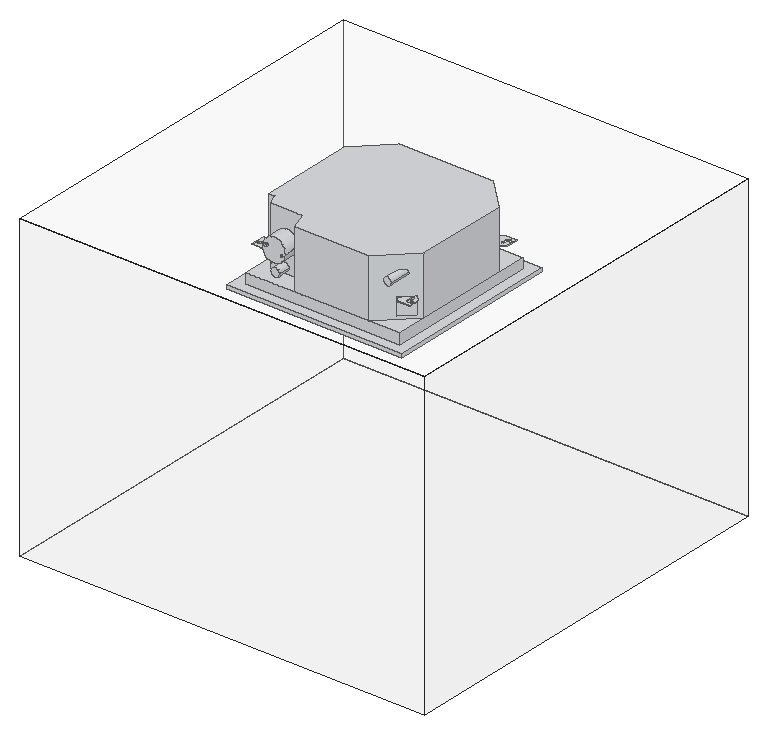
Revit family "pl-rp40_80ga3_60Hz", category 機械設備, Revit 2019
Family settings
  丸型コネクタ寸法 = 直径を使用
  パーツ タイプ = 標準
  OmniClass 番号 = 23.75.10.24.21.27.27
  OmniClass タイトル = Split System Air Conditioning Units
  作業面ベース = いいえ
  常に垂直 = はい
  ロード時にボイドで切り取り = いいえ
  共有 = いいえ
  部屋計算ポイント = はい
Parameters (values of type "天井4方向_PL-RP40GA3")
  風量（静）（m3／min） = 8.5
  風量（強）（m3／min） = 12
  風量（弱）（m3／min） = 9
  風量（中）（m3／min） = 9.5
  風量 = MAX風量  # 720.0 m³/h
  音響パワーレベル（弱）(dB) = 48
  音響パワーレベル（中2）(dB) = 49
  音響パワーレベル（中1）(dB) = 51
  音響パワーレベル(dB) = 53
  電源種別 = ""
  電源_H = 0 mm
  電圧_電気ヒーター = 0 V
  電圧 = 200 V
  電動機出力_送風機 = 0.05 kW
  運転質量 = 0.00 kg
  連動 = ""
  質量 = if(製品質量 > 運転質量, 製品質量, 運転質量) * 1.2  # 24.72 kg
  負荷分類 = 3_ファン類
  構成品番 = "PL-RP40GA"
  ドレン管径 (外径) = 32 mm
  ドレン管径 = 25 mm
  サービススペース = yes
  URL = "https://www.mitsubishielectric.co.jp/ldg/wink/ssl/displayProduct.do?pid=311447"
  説明 = "店舗・事務所用パッケージエアコン(Mr.SLIM) [本体]4方向天井カセット形<コンパクトタイプ>"
  設計暖房能力 = 0.00 kW
  設計冷房能力_顕熱 = 0 kW
  設計冷房能力 = 0 kW
  設置方法 = "カセット形"
  記号 = ""
  製造元 = "三菱電機株式会社"
  製品質量 = 20.60 kg
  製品出荷対象 = "国内"
  製品リリース年月 = "2021/5/10"
  製品グループ = ""
  系統 = ""
  符号 = "PAC-CK4"
  積算_科目 = "1 空気調和設備"
  積算_拾い区分 [instance] = ""
  相 = 1
  盤記号 = ""
  発停方法 = "付属スイッチ"
  特殊仕様 = ""
  火災停止 = ""
  消費電力_電気ヒーター = 0.00 kW
  消費電力_暖房 = 0.03 kW
  消費電力_加湿器 = 0.00 kW
  消費電力_冷房 = 0.03 kW
  消費電力 = if(消費電力_冷房 > 消費電力_暖房, 消費電力_冷房, 消費電力_暖房) + 消費電力_加湿器 + 消費電力_電気ヒーター  # 0.03 kW
  法定耐用年数 = "6"
  極数 = 1
  材質 = ""
  本体マテリアル = none
  有効加湿量 = 0
  暖房能力 = 4.00 kW
  推奨ブレーカー容量 = 0 A
  形式_加湿器 = ""
  形式 = "カセット形（4方向吹出形）"
  幹線記号 = ""
  始動方式 = "直入"
  呼称 = "パッケージ形空気調和機_室内機"
  周波数 = 60 Hz
  吊り位置Y = 507 mm
  吊り位置X = 640 mm
  吊りボルト_H = 134 mm
  台数_手元リモコン = ""
  台数_冷媒分岐ユニット = ""
  参照している仕様書等のバージョン = "公共建築工事標準仕様書（機械設備工事編）平成31年度版"
  加湿給水管径 = 0 mm
  分類コード = "50053003123030"
  分類グループ = ""
  冷房能力 = 3.6 kW
  冷媒高低圧ガス管径 = 0 mm
  冷媒管径符号 = "Ac"
  冷媒管径 = 100 mm
  冷媒液管高さ = 159 mm
  冷媒液管長さ = 71 mm
  冷媒液管径 = 6.4 mm
  冷媒ガス管高さ = 183 mm
  冷媒ガス管長さ = 76 mm
  冷媒ガス管径 = 12.7 mm
  企業コード = "108420"
  付属品_フィルター = ""
  付属品 = ""
  仕様書バージョン = "Version1.0"
  Model = ""
  パネルマテリアル = none
  ドレン管高さ = 227 mm
  コメント [instance] = ""
  ケーブル種類 = ""
  ケーブルサイズ = 0 mm
  Width = 670 mm
  Version = ""
  Uniclass2015Version = "Systems v1.9"
  Uniclass2015Title = "Split coil remote air cooled condensing units"
  Uniclass2015Code = "Pr_70_65_03_84"
  SpecificationReference = ""
  SpecificationDescription = ""
  Revision = ""
  ProductInformation = ""
  Panel Width = 760 mm
  Panel Height = 15 mm
  Panel Depth = 760 mm
  OmniClassCode = "23-33 17 13 11"
  MIN風量 = 風量（静）（m3／min） * 60.0 m³/h  # 510.0 m³/h
  MID風量2 = 風量（弱）（m3／min） * 60.0 m³/h  # 540.0 m³/h
  MID風量 = 風量（中）（m3／min） * 60.0 m³/h  # 570.0 m³/h
  MAX風量 = 風量（強）（m3／min） * 60.0 m³/h  # 720.0 m³/h
  IfcTypeProduct = ""
  IfcProduct = ""
  IfcExportType = "AIRCONDITIONINGUNIT"
  IfcExportAs = "IfcUnitaryEquipmentType"
  Height = 298 mm
  Depth = 670 mm
  価格 = 253000
  Clearance Top = 305 mm
  Clearance Right = 500 mm
  Clearance Left = 500 mm
  Clearance Front = 500 mm
  Clearance Bottom = 1000 mm
  Clearance Back = 500 mm
  Author = "三菱電機株式会社"
Types (7, lengths in mm): name | 風量（静）（m3／min） | 風量（強）（m3／min） | 風量（弱）（m3／min） | 風量（中）（m3／min） | 風量 | 音響パワーレベル（弱）(dB) | 音響パワーレベル（中2）(dB) | 音響パワーレベル（中1）(dB) | 音響パワーレベル(dB) | 構成品番 | URL | 消費電力_暖房 | 消費電力_冷房 | 消費電力 | 暖房能力 | 冷房能力 | 冷媒管径符号 | 冷媒液管長さ | 冷媒液管径 | 冷媒ガス管長さ | 冷媒ガス管径 | MIN風量 | MID風量2 | MID風量 | MAX風量 | 価格
  天井4方向_PL-RP40GA3 | 8.5 | 12 | 9 | 9.5 | 720.0 m³/h | 48 | 49 | 51 | 53 | "PL-RP40GA" | "https://www.mitsubishielectric.co.jp/ldg/wink/ssl/displayProduct.do?pid=311447" | 0.03 kW | 0.03 kW | 0.03 kW | 4.00 kW | 3.6 kW | "Ac" | 71 | 6.4 | 76 | 12.7 | 510.0 m³/h | 540.0 m³/h | 570.0 m³/h | 720.0 m³/h | 253000
  天井4方向_PL-RP50GA3 | 9.5 | 12.5 | 10 | 12 | 750.0 m³/h | 49 | 50 | 53 | 54 | "PL-RP50GA" | "https://www.mitsubishielectric.co.jp/ldg/wink/ssl/displayProduct.do?pid=311449" | 0.03 kW | 0.03 kW | 0.03 kW | 5.00 kW | 4.5 kW | "Ac" | 71 | 6.4 | 76 | 12.7 | 570.0 m³/h | 600.0 m³/h | 720.0 m³/h | 750.0 m³/h | 265000
  天井4方向_PL-RP45GA3 | 8.5 | 12 | 9 | 9.5 | 720.0 m³/h | 48 | 49 | 51 | 53 | "PL-RP45GA" | "https://www.mitsubishielectric.co.jp/ldg/wink/ssl/displayProduct.do?pid=311448" | 0.03 kW | 0.03 kW | 0.03 kW | 4.50 kW | 4 kW | "Ac" | 71 | 6.4 | 76 | 12.7 | 510.0 m³/h | 540.0 m³/h | 570.0 m³/h | 720.0 m³/h | 256000
  天井4方向_PL-RP56GA3 | 9.5 | 14 | 10 | 12.5 | 840.0 m³/h | 49 | 50 | 54 | 56 | "PL-RP56GA" | "https://www.mitsubishielectric.co.jp/ldg/wink/ssl/displayProduct.do?pid=311450" | 0.03 kW | 0.03 kW | 0.03 kW | 5.60 kW | 5 kW | "Ac" | 71 | 6.4 | 76 | 12.7 | 570.0 m³/h | 600.0 m³/h | 750.0 m³/h | 840.0 m³/h | 285000
  天井4方向_PL-RP63GA3 | 10 | 14.5 | 11.5 | 13 | 870.0 m³/h | 50 | 53 | 55 | 57 | "PL-RP63GA" | "https://www.mitsubishielectric.co.jp/ldg/wink/ssl/displayProduct.do?pid=311451" | 0.04 kW | 0.04 kW | 0.04 kW | 6.30 kW | 5.6 kW | "Ac" | 71 | 6.4 | 76 | 12.7 | 600.0 m³/h | 690.0 m³/h | 780.0 m³/h | 870.0 m³/h | 287000
  天井4方向_PL-RP71GA3 | 11 | 15 | 12 | 13.5 | 900.0 m³/h | 53 | 54 | 56 | 58 | "PL-RP71GA" | "https://www.mitsubishielectric.co.jp/ldg/wink/ssl/displayProduct.do?pid=311452" | 0.04 kW | 0.04 kW | 0.04 kW | 7.00 kW | 6.3 kW | "Bd" | 75 | 9.5 | 80 | 15.9 | 660.0 m³/h | 720.0 m³/h | 810.0 m³/h | 900.0 m³/h | 292000
  天井4方向_PL-RP80GA3 | 11 | 15 | 12 | 13.5 | 900.0 m³/h | 53 | 54 | 56 | 58 | "PL-RP80GA" | "https://www.mitsubishielectric.co.jp/ldg/wink/ssl/displayProduct.do?pid=311453" | 0.04 kW | 0.04 kW | 0.04 kW | 8.00 kW | 7.1 kW | "Bd" | 75 | 9.5 | 80 | 15.9 | 660.0 m³/h | 720.0 m³/h | 810.0 m³/h | 900.0 m³/h | 316000
Reference planes
  plane 1 "中心(正面/背面)": y = 0
  plane 2: z = 0
  plane 3 "中心(左/右)": x = 0
  plane 4: x = -380
  plane 5: x = 380
  plane 6: y = 380
  plane 7: y = -380
  plane 8: z = 298
  plane 9: z = 305
  plane 10: x = -320
  plane 11: x = 320
  plane 12: y = 253.5
  plane 13: y = -253.5
  plane 14: z = 46
  plane 15: y = 335
  plane 16: y = -335
  plane 17: x = -335
  plane 18: x = 335
  plane 19: x = -880
  plane 20: x = 880
  plane 21: y = 880
  plane 22: y = -880
  plane 23: z = 298
  plane 24: z = -15
  plane 25: z = -1015
  plane 26: z = 305
  plane 27 "冷媒管基準面": y = -255
  plane 28: x = -186
  plane 29: z = 159
  plane 30: y = -331
  plane 31: y = -326
Forms (mm)
  Extrusion 1, solid, detail levels fine
    sketch origin (0, -255, 15) x (1, 0, 0) y (0, 0, 1)
      loop
        circle (-186, 144) r 3.175
    from 0 to 71
  Extrusion 2, solid, detail levels fine
    sketch origin (-67, -255, 39) x (1, 0, 0) y (0, 0, 1)
      loop
        circle (-186, 144) r 6.35
    from 0 to 76
Dimensions and locks
  equal spacing: plane 4, plane 3 "中心(左/右)", plane 5
  plane 4 to plane 5 = 760 mm
  equal spacing: plane 7, plane 1 "中心(正面/背面)", plane 6
  plane 7 to plane 6 = 760 mm
  locked: plane 12 to plane 6 at 126.5
  plane 7 to plane 13 = 126.5 mm
  plane 4 to plane 10 = 60 mm
  locked: plane 11 to plane 5 at 60
  "吊り位置X": plane 10 to plane 11
  equal spacing: plane 10, plane 3 "中心(左/右)", plane 11
  equal spacing: plane 13, plane 1 "中心(正面/背面)", plane 12
  "吊り位置Y": plane 13 to plane 12
  equal spacing: plane 16, plane 1 "中心(正面/背面)", plane 15
  "Depth": plane 16 to plane 15
  equal spacing: plane 17, plane 3 "中心(左/右)", plane 18
  "Width": plane 17 to plane 18
  locked: plane 14 to level at 46
  "Clearance Left": plane 19 to plane 4
  "Clearance Right": plane 5 to plane 20
  "Clearance Back": plane 6 to plane 21
  locked: level to plane 24 at 15
  "Clearance Bottom": plane 24 to plane 25
  "Clearance Front": plane 22 to plane 7
  "Clearance Top": plane 26 to plane 2
  "Height": level to nested 3
  plane 29 to plane 2 = 159 mm
  nested 3 to level = 134 mm
  "冷媒液管長さ": plane 31 to plane 27 "冷媒管基準面"
  "冷媒ガス管長さ": plane 30 to plane 27 "冷媒管基準面"
  aligned and locked: level to plane 2
  aligned and locked: plane 10 to nested 2
  aligned and locked: plane 11 to nested 2
  aligned and locked: nested 2 to plane 12
  aligned and locked: plane 13 to nested 2
  aligned and locked: plane 19 to nested 1
  aligned and locked: plane 20 to nested 1
  aligned and locked: plane 22 to nested 1
  aligned and locked: plane 21 to nested 1
  aligned and locked: plane 25 to nested 1
  aligned and locked: plane 5 to nested 3
  aligned and locked: plane 15 to nested 3
  aligned and locked: plane 6 to nested 3
  aligned and locked: plane 7 to nested 3
  aligned and locked: plane 26 to nested 1
  aligned and locked: plane 31 to Extrusion 1
  aligned and locked: plane 30 to Extrusion 2
Automatic sketch dimensions
  Extrusion 1 sketch curve to plane 28 = 0 mm
  Extrusion 1 sketch curve to plane 29 = 0 mm
  plane 29 to Extrusion 2 sketch curve = 24 mm
  plane 10 to Extrusion 2 sketch curve = 67 mm
  radius of Extrusion 1 sketch curve = 3.175 mm
  radius of Extrusion 2 sketch curve = 6.35 mm
Nested families
  nested 1: "サービススペース" at (0, 0, -355), visible <- "サービススペース", type "サービススペース"
    with Width 1760 mm, Height 1320 mm, Depth 1760 mm
  nested 2: "固定点" at (-320, -253.5, 0), type "固定点"
    with W 640 mm, D 507 mm
  nested 3: "PL-RP○○GA3" at (0, 0, 0), type "PL-RP○○GA3"
    with ユニット表示 yes
Connectors
  piping at (-219.5, -326, 171), diameter 100, driven by "冷媒管径", driven by "冷媒管径符号"
    settings: on nested 3, index 1, connector inside diameter 609.6 mm, connector length 0 mm, flow factor 0, pipe flow 0.0 L/s, pressure drop 0.0 Pa, fitting loss kfactor 0, connector angle 0.00°, fixture units 0, engagement length 0 mm, angle of deflection 0.00°, flow configuration 1, flow direction 1, fitting loss method 4, system type 7, joint type 0, gender type 0, connector reference index -1, connector utility 0, adjustable connector no, is connector primary yes, connector description "Ac"
  piping at (281, -332, 227), diameter 25, driven by "ドレン管径"
    settings: on nested 3, index 2, connector inside diameter 609.6 mm, connector length 0 mm, flow factor 0, pipe flow 0.0 L/s, pressure drop 0.0 Pa, fitting loss kfactor 0, connector angle 0.00°, fixture units 0, engagement length 0 mm, angle of deflection 0.00°, flow configuration 1, flow direction 2, fitting loss method 4, system type 16, joint type 0, gender type 0, connector reference index -1, connector utility 0, adjustable connector no, is connector primary no, connector description ""
  electrical at (-230, -305, 70), driven by "極数", driven by "負荷分類", driven by "電圧", driven by "消費電力"
    settings: on nested 3, index 3, voltage 200 V, apparent load 30 VA, apparent load phase1 0 VA, apparent load phase2 0 VA, apparent load phase3 0 VA, power factor 1, load classification "3_ファン類", number of poles 1, system type 30, power factor state 1, is connector primary yes, connector utility no, sub classification motor no, connector description ""
Definition of nested family "サービススペース"
  Parameters (values of type "サービススペース")
    Width [instance] = 500 mm
    Height [instance] = 500 mm
    Depth [instance] = 500 mm
  Reference planes
    plane 1 "中心(正面/背面)": y = 0
    plane 2: z = 0
    plane 3 "中心(左/右)": x = 0
    plane 4: y = -250
    plane 5: x = 250
    plane 6: y = 250
    plane 7: x = -250
    plane 8: z = 250
    plane 9: z = -250
  Forms (mm)
    Extrusion 1, solid
      sketch origin (-638.939, 0, 72.39) x (1, 0, 0) y (0, 1, 0)
        loop
          line (388.939, 250) -> (388.939, -250) -> (888.939, -250) -> (888.939, 250) -> (388.939, 250)
      from -322.39 to 177.61
  Lines and regions (mm)
    symbolic lines
      curve 1: line (-250, 0, 250) -> (250, 0, 250)
      curve 2: line (-250, 0, -250) -> (-250, 0, 250)
      curve 3: line (250, 0, -250) -> (-250, 0, -250)
      curve 4: line (250, 0, 250) -> (250, 0, -250)
      curve 5: line (0, -250, 250) -> (0, 250, 250)
      curve 6: line (0, -250, -250) -> (0, -250, 250)
      curve 7: line (0, 250, -250) -> (0, -250, -250)
      curve 8: line (0, 250, 250) -> (0, 250, -250)
      curve 9: line (-250, 250, 0) -> (250, 250, 0)
      curve 10: line (-250, -250, 0) -> (-250, 250, 0)
      curve 11: line (250, -250, 0) -> (-250, -250, 0)
      curve 12: line (250, 250, 0) -> (250, -250, 0)
  Dimensions and locks
    equal spacing: plane 7, plane 3 "中心(左/右)", plane 5
    equal spacing: plane 4, plane 1 "中心(正面/背面)", plane 6
    "Depth": plane 4 to plane 6
    "Width": plane 7 to plane 5
    equal spacing: plane 8, plane 2, plane 9
    "Height": plane 8 to plane 9
    aligned and locked: plane 9 to curve 3
    aligned and locked: plane 7 to curve 2
    aligned and locked: curve 4 to plane 5
    aligned and locked: plane 5 to Extrusion 1
    aligned and locked: Extrusion 1 to plane 7
    aligned and locked: Extrusion 1 to plane 9
    aligned and locked: plane 8 to Extrusion 1
    aligned and locked: plane 9 to curve 7
  Automatic sketch dimensions
    plane 4 to Extrusion 1 sketch curve = 0 mm
    Extrusion 1 sketch curve to plane 7 = 0 mm
    Extrusion 1 sketch curve to plane 5 = 0 mm
    plane 6 to Extrusion 1 sketch curve = 0 mm
    curve 2 to plane 8 = 0 mm
    plane 4 to curve 11 = 0 mm
    curve 11 to plane 7 = 0 mm
    curve 11 to plane 5 = 0 mm
    plane 6 to curve 10 = 0 mm
    curve 7 to plane 4 = 0 mm
    curve 7 to plane 6 = 0 mm
    curve 6 to plane 8 = 0 mm
Definition of nested family "PL-RP○○GA3"
  Parameters (values of type "PL-RP○○GA3")
    配線取出口サイズ = 36 mm
    配線取出口-Z = 70 mm
    配線取出口-Y = 50 mm
    配線取出口-X = 230 mm
    液配管サイズ = 6.4 mm
    A = 幅さ + 90 mm  # 760 mm
    高さ = 298 mm
    奥行き = 670 mm
    吊りボルト_H = 134 mm
    冷媒配管 = 100 mm
    冷媒液管径-Z = 159 mm
    冷媒液管径-Y = 71 mm
    冷媒液管径-X = 186 mm
    冷媒ガス管径-Z = 183 mm
    冷媒ガス管径-Y = 76 mm
    冷媒ガス管径-X = 253 mm
    ユニット表示 [instance] = yes
    ボルトピッチ = 507 mm
    ドレン配管サイズ = 32 mm
    ドレン管径-Z = 227 mm
    ドレン管径-Y = 77 mm
    ドレン管径-X = 281 mm
    ガス配管サイズ = 12.7 mm
    D = 幅さ - 30 mm  # 640 mm
    幅さ = 670 mm
    B = 幅さ + 40 mm  # 710 mm
  Reference planes
    plane 1 "中心(正面/背面)": y = 0
    plane 2: z = 0
    plane 3 "中心(左/右)": x = 0
    plane 4: x = -355
    plane 5: x = 355
    plane 6: x = -335
    plane 7: x = 335
    plane 8: x = -320
    plane 9: x = 320
    plane 10: y = 253.5
    plane 11: y = -253.5
    plane 12: y = 335
    plane 13: y = -335
    plane 14: x = -380
    plane 15: x = 380
    plane 16: z = -15
    plane 17: z = 46
    plane 18: z = 298
    plane 19: z = 134
    plane 20: z = 136
    plane 21: z = 227
    plane 22: z = 159
    plane 23: z = 183
    plane 24: z = 60
    plane 25: y = 380
    plane 26: y = -380
    plane 27: x = -253
    plane 28: x = -150
    plane 29: x = -123
    plane 30: x = -186
    plane 31: x = 281
    plane 32: x = 202
    plane 33: y = -255
    plane 34: y = -207
    plane 35: y = -331
    plane 36: y = -326
    plane 37 "ドレン管接続口": y = -332
    plane 38: y = -202
    plane 39: y = 291.5
    plane 40: y = 275.5
    plane 41: y = 263.5
    plane 42: x = -326
    plane 43: x = -314
    plane 44: x = -343
    plane 45: x = 314
    plane 46: x = 326
    plane 47: x = 343
    plane 48: y = -291.5
    plane 49: y = -275.5
    plane 50: y = -263.5
    plane 51: x = -230
    plane 52: y = 202
    plane 53: x = -202
    plane 54: z = 70
    plane 55: y = -305
  Forms (mm)
    Extrusion 1, solid, visible <- "ユニット表示"
      sketch origin (0, 0, 0) x (1, 0, 0) y (0, 1, 0)
        loop
          line (-380, 380) -> (-380, -380) -> (380, -380) -> (380, 380) -> (-380, 380)
      from -15 to 0
    Extrusion 2, solid, visible <- "ユニット表示", detail levels fine
      sketch origin (0, 0, 0) x (1, 0, 0) y (0, 1, 0)
        loop
          line (-203.39, 335) -> (-335, 203.39) -> (-335, -207) -> (-309.258, -207) -> (-288.883, -255) -> (-150, -255) -> (-123.033, -335) -> (202, -335) -> (335, -202) -> (335, 203.39) -> (203.39, 335) -> (-203.39, 335)
      from 46 to 298
    Extrusion 3, solid, visible <- "ユニット表示", detail levels fine
      sketch origin (0, 0, 0) x (1, 0, 0) y (0, 1, 0)
        loop
          line (335, 335) -> (-335, 335) -> (-335, -335) -> (335, -335) -> (335, 335)
      from 0 to 46
    Extrusion 4, solid, visible <- "ユニット表示", detail levels fine
      sketch origin (0, 0, 0) x (1, 0, 0) y (0, 0, 1)
        loop
          circle (-219.5, 171) r 50
      from 255 to 326
    Extrusion 5, solid, visible <- "ユニット表示", detail levels fine
      sketch origin (0, 0, 0) x (1, 0, 0) y (0, 1, 0)
        loop
          line (-343, -291.5) -> (-300.314, -291.5) -> (-290.686, -250.751) -> (-306.998, -212.324) -> (-343, -227.606) -> (-343, -263.5) -> (-329, -263.5)
          arc (-329, -263.5) -> (-326.879, -262.621) -> (-326, -260.5) r 3
          line (-326, -260.5) -> (-326, -249.5)
          arc (-326, -249.5) -> (-320, -243.5) -> (-314, -249.5) r 6
          line (-314, -249.5) -> (-314, -269.478)
          arc (-314, -269.478) -> (-315.757, -273.721) -> (-320, -275.5) r 6
          line (-320, -275.5) -> (-343, -275.5) -> (-343, -291.5)
        loop
          line (-343, 275.5) -> (-320, 275.5)
          arc (-320, 275.5) -> (-315.757, 273.743) -> (-314, 269.5) r 6
          line (-314, 269.5) -> (-314, 249.5)
          arc (-314, 249.5) -> (-320, 243.5) -> (-326, 249.5) r 6
          line (-326, 249.5) -> (-326, 260.5)
          arc (-326, 260.5) -> (-326.879, 262.621) -> (-329, 263.5) r 3
          line (-329, 263.5) -> (-343, 263.5) -> (-343, 244.959) -> (-318.215, 220.175) -> (-270.214, 268.176) -> (-293.539, 291.5) -> (-343, 291.5) -> (-343, 275.5)
        loop
          line (343, 291.5) -> (293.539, 291.5) -> (270.214, 268.176) -> (318.215, 220.175) -> (343, 244.959) -> (343, 263.5) -> (329, 263.5)
          arc (329, 263.5) -> (326.879, 262.621) -> (326, 260.5) r 3
          line (326, 260.5) -> (326, 249.5)
          arc (326, 249.5) -> (320, 243.5) -> (314, 249.5) r 6
          line (314, 249.5) -> (314, 269.5)
          arc (314, 269.5) -> (315.757, 273.743) -> (320, 275.5) r 6
          line (320, 275.5) -> (343, 275.5) -> (343, 291.5)
        loop
          line (293.539, -291.5) -> (343, -291.5) -> (343, -275.5) -> (320, -275.5)
          arc (320, -275.5) -> (315.757, -273.743) -> (314, -269.5) r 6
          line (314, -269.5) -> (314, -249.5)
          arc (314, -249.5) -> (320, -243.5) -> (326, -249.5) r 6
          line (326, -249.5) -> (326, -260.5)
          arc (326, -260.5) -> (326.879, -262.621) -> (329, -263.5) r 3
          line (329, -263.5) -> (343, -263.5) -> (343, -244.959) -> (317.52, -219.48) -> (269.519, -267.481) -> (293.539, -291.5)
      from 134 to 136
    Extrusion 6, solid, visible <- "ユニット表示", detail levels fine
      sketch origin (0, 0, 0) x (1, 0, 0) y (0, 1, 0)
        loop
          line (-306.998, -212.324) -> (-308.839, -213.105) -> (-291.463, -254.04) -> (-289.622, -253.258) -> (-306.998, -212.324)
        loop
          line (-271.629, 269.59) -> (-319.63, 221.589) -> (-318.245, 220.204) -> (-270.244, 268.205) -> (-271.629, 269.59)
        loop
          line (271.629, 269.59) -> (270.244, 268.205) -> (318.245, 220.204) -> (319.63, 221.589) -> (271.629, 269.59)
        loop
          line (270.934, -268.895) -> (318.935, -220.894) -> (317.52, -219.48) -> (269.519, -267.481) -> (270.934, -268.895)
      from 60 to 136
    Extrusion 7, solid, visible <- "ユニット表示", detail levels fine
      sketch origin (0, 0, 0) x (1, 0, 0) y (0, 0, 1)
        loop
          circle (-230, 70) r 18
      from 255 to 305
    Extrusion 8, solid, detail levels fine
      sketch origin (0, -332, 0) x (-1, 0, 0) y (0, 0, 1)
        loop
          circle (-281, 227) r 16
      from 0 to 100
  Cuts and joins
    joined: Extrusion 5, Extrusion 6
  Dimensions and locks
    equal spacing: plane 4, plane 3 "中心(左/右)", plane 5
    "B": plane 4 to plane 5
    equal spacing: plane 6, plane 3 "中心(左/右)", plane 7
    "幅さ": plane 6 to plane 7
    equal spacing: plane 8, plane 3 "中心(左/右)", plane 9
    "D": plane 8 to plane 9
    equal spacing: plane 11, plane 1 "中心(正面/背面)", plane 10
    "ボルトピッチ": plane 10 to plane 11
    equal spacing: plane 12, plane 1 "中心(正面/背面)", plane 13
    "奥行き": plane 12 to plane 13
    "A": plane 14 to plane 15
    equal spacing: plane 14, plane 3 "中心(左/右)", plane 15
    locked: plane 2 to plane 16 at 15
    locked: plane 17 to plane 2 at 46
    "吊りボルト_H": plane 19 to level
    locked: plane 20 to plane 19 at 2
    "ドレン管径-Z": plane 21 to level
    "冷媒液管径-Z": plane 22 to level
    "冷媒ガス管径-Z": plane 23 to level
    plane 24 to level = 60 mm
    equal spacing: plane 25, plane 1 "中心(正面/背面)", plane 26
    "A": plane 25 to plane 26
    locked: plane 6 to plane 28 at 185
    locked: plane 6 to plane 29 at 212
    locked: plane 32 to plane 7 at 133
    "冷媒ガス管径-X": plane 27 to plane 3 "中心(左/右)"
    "冷媒液管径-X": plane 30 to plane 3 "中心(左/右)"
    "ドレン管径-X": plane 3 "中心(左/右)" to plane 31
    locked: plane 33 to plane 13 at 80
    locked: plane 34 to plane 13 at 128
    "冷媒ガス管径-Y": plane 33 to plane 35
    "冷媒液管径-Y": plane 33 to plane 36
    "ドレン管径-Y": plane 33 to plane 37 "ドレン管接続口"
    locked: plane 38 to plane 13 at 133
    equal spacing: plane 30, Extrusion 4 sketch curve, plane 27
    equal spacing: plane 23, Extrusion 4 sketch curve, plane 22
    locked: plane 44 to plane 8 at 23
    plane 42 to plane 8 to plane 43 = 6 mm locked, 6 mm locked
    locked: plane 9 to plane 47 at 23
    plane 45 to plane 9 to plane 46 = 6 mm locked, 6 mm locked
    plane 11 to plane 50 to plane 49 to plane 48 = 10 mm locked, 12 mm locked, 16 mm locked
    plane 39 to plane 40 to plane 41 to plane 10 = 16 mm locked, 12 mm locked, 10 mm locked
    locked: Extrusion 5 sketch curve to plane 11 at 4  (x2)
    locked: plane 10 to Extrusion 5 sketch curve at 4  (x2)
    "配線取出口-X": plane 51 to plane 3 "中心(左/右)"
    "配線取出口-Z": plane 54 to level
    "配線取出口-Y": plane 33 to plane 55
    locked: cut or joined group of Extrusion 5, Extrusion 6 to Extrusion 6 sketch curve at 2
    locked: Extrusion 6 sketch curve to Extrusion 2 at 2  (x3)
    "高さ": plane 18 to level
    "冷媒配管": diameter of Extrusion 4 sketch curve
    radius of Extrusion 5 sketch curve = 6 mm  (x8)
    radius of Extrusion 5 sketch curve = 3 mm  (x4)
    "配線取出口サイズ": diameter of Extrusion 7 sketch curve
    aligned and locked: level to plane 2
    aligned and locked: Extrusion 1 sketch curve to plane 25
    aligned and locked: plane 14 to Extrusion 1 sketch curve
    aligned and locked: plane 26 to Extrusion 1 sketch curve
    aligned and locked: Extrusion 1 sketch curve to plane 15
    aligned and locked: level to Extrusion 1
    aligned and locked: Extrusion 1 to plane 16
    aligned and locked: plane 18 to Extrusion 2
    aligned and locked: Extrusion 2 to plane 17
    aligned and locked: Extrusion 3 sketch curve to plane 7
    aligned and locked: Extrusion 3 sketch curve to plane 13
    aligned and locked: Extrusion 3 sketch curve to plane 6
    aligned and locked: Extrusion 3 sketch curve to plane 12
    aligned and locked: Extrusion 3 to level
    aligned and locked: plane 17 to Extrusion 3
    aligned and locked: plane 28 to Extrusion 2 sketch curve
    aligned and locked: plane 34 to Extrusion 2 sketch curve
    aligned and locked: Extrusion 2 sketch curve to plane 13
    aligned and locked: Extrusion 2 sketch curve to plane 7
    aligned and locked: Extrusion 2 sketch curve to plane 12
    aligned and locked: Extrusion 2 sketch curve to plane 6
    aligned and locked: plane 7 to Extrusion 2 sketch curve
    aligned and locked: plane 38 to Extrusion 2 sketch curve
    aligned and locked: plane 32 to Extrusion 2 sketch curve
    aligned and locked: plane 13 to Extrusion 2 sketch curve
    aligned and locked: plane 44 to Extrusion 5 sketch curve  (x2)
    aligned and locked: Extrusion 5 sketch curve to plane 50
    aligned and locked: plane 49 to Extrusion 5 sketch curve
    aligned and locked: Extrusion 5 sketch curve to plane 48
    aligned and locked: plane 43 to Extrusion 5 sketch curve
    aligned and locked: plane 42 to Extrusion 5 sketch curve  (x2)
    aligned and locked: Extrusion 6 to plane 24
    aligned and locked: plane 20 to Extrusion 6
    aligned and locked: plane 39 to Extrusion 5 sketch curve  (x2)
    aligned and locked: Extrusion 5 sketch curve to plane 44  (x2)
    aligned and locked: plane 41 to Extrusion 5 sketch curve  (x2)
    aligned and locked: Extrusion 5 sketch curve to plane 40  (x2)
    aligned and locked: Extrusion 5 sketch curve to plane 43
    aligned and locked: Extrusion 5 sketch curve to Extrusion 2  (x3)
    aligned and locked: plane 47 to Extrusion 5 sketch curve  (x4)
    aligned and locked: plane 45 to Extrusion 5 sketch curve  (x2)
    aligned and locked: Extrusion 5 sketch curve to plane 46  (x2)
    aligned and locked: plane 50 to Extrusion 5 sketch curve
    aligned and locked: plane 48 to Extrusion 5 sketch curve
    aligned and locked: Extrusion 5 sketch curve to plane 49
    aligned and locked: plane 51 to Extrusion 7 sketch curve
    aligned and locked: plane 54 to Extrusion 7 sketch curve
    aligned and locked: Extrusion 7 to Extrusion 2
    aligned and locked: plane 55 to Extrusion 7
    aligned and locked: cut or joined group of Extrusion 5, Extrusion 6 to cut or joined group of Extrusion 5, Extrusion 6  (x2)
    aligned and locked: Extrusion 6 sketch curve to cut or joined group of Extrusion 5, Extrusion 6  (x3)
    aligned and locked: cut or joined group of Extrusion 5, Extrusion 6 to Extrusion 6 sketch curve  (x2)
    aligned and locked: Extrusion 2 to Extrusion 6 sketch curve
    aligned and locked: cut or joined group of Extrusion 5, Extrusion 6 to plane 19
    aligned and locked: plane 20 to cut or joined group of Extrusion 5, Extrusion 6
    aligned and locked: Extrusion 4 to plane 36
  Automatic sketch dimensions
    Extrusion 2 sketch curve to plane 33 = 0 mm
    plane 43 to Extrusion 2 sketch curve = 4.742 mm
    plane 43 to Extrusion 2 sketch curve = 25.117 mm
    Extrusion 2 sketch curve to plane 30 = 17.39 mm
    Extrusion 2 sketch curve to plane 29 = 0.033 mm
    plane 32 to Extrusion 2 sketch curve = 1.39 mm
    Extrusion 2 sketch curve to plane 10 = 50.11 mm  (x2)
    Extrusion 5 sketch curve to plane 8 = 0 mm
    Extrusion 5 sketch curve to plane 8 = 13.002 mm
    Extrusion 5 sketch curve to plane 43 = 13.686 mm
    plane 50 to Extrusion 5 sketch curve = 12.749 mm
    Extrusion 5 sketch curve to Extrusion 5 sketch curve = 9.627 mm
    Extrusion 5 sketch curve to plane 50 = 5.978 mm
    plane 34 to Extrusion 5 sketch curve = 20.606 mm
    plane 8 to Extrusion 6 sketch curve = 1.755 mm
    Extrusion 6 sketch curve to plane 11 = 0.54 mm
    Extrusion 6 sketch curve to Extrusion 6 sketch curve = 1.385 mm
    Extrusion 6 sketch curve to plane 49 = 6.605 mm
    Extrusion 6 sketch curve to plane 9 = 2.48 mm
    Extrusion 6 sketch curve to Extrusion 6 sketch curve = 1.414 mm
    Extrusion 5 sketch curve to plane 8 = 1.785 mm
    Extrusion 5 sketch curve to plane 41 = 4.676 mm  (x2)
    plane 9 to Extrusion 5 sketch curve = 1.785 mm
    Extrusion 5 sketch curve to plane 50 = 3.981 mm
    plane 9 to Extrusion 5 sketch curve = 2.48 mm
    Extrusion 8 sketch curve to plane 21 = 0 mm
    Extrusion 8 sketch curve to plane 31 = 0 mm
    radius of Extrusion 8 sketch curve = 16 mm
Definition of nested family "固定点"
  Parameters (values of type "固定点")
    中心円 = 20 mm
    W [instance] = 1000 mm
    D [instance] = 1000 mm
  Reference planes
    plane 1 "中心(正面/背面)": y = 0
    plane 2: z = 0
    plane 3 "中心(左/右)": x = 0
    plane 4: x = 1000
    plane 5: y = 1000
  Lines and regions (mm)
    symbolic lines, detail levels fine
      curve 1: circle (0, 1000, 0) r 10 normal (0, 0, 1)
      curve 2: circle (0, 0, 0) r 10 normal (0, 0, 1)
      curve 3: circle (1000, 1000, 0) r 10 normal (0, 0, 1)
      curve 4: circle (1000, 0, 0) r 10 normal (0, 0, 1)
      curve 5: line (-200, 1000, 0) -> (1200, 1000, 0)
      curve 6: line (-200, 0, 0) -> (1200, 0, 0)
      curve 7: line (0, 1200, 0) -> (0, -200, 0)
      curve 8: line (1000, 1200, 0) -> (1000, -200, 0)
  Dimensions and locks
    "W": plane 3 "中心(左/右)" to plane 4
    "D": plane 1 "中心(正面/背面)" to plane 5
    "中心円": diameter of curve 1
    "中心円": diameter of curve 2
    "中心円": diameter of curve 3
    "中心円": diameter of curve 4
    aligned and locked: level to plane 2
    aligned and locked: plane 5 to curve 1
    aligned and locked: plane 3 "中心(左/右)" to curve 1
    aligned and locked: plane 3 "中心(左/右)" to curve 2
    aligned and locked: plane 1 "中心(正面/背面)" to curve 2
    aligned and locked: plane 4 to curve 3
    aligned and locked: plane 5 to curve 3
    aligned and locked: plane 1 "中心(正面/背面)" to curve 4
    aligned and locked: plane 4 to curve 4
    aligned and locked: plane 1 "中心(正面/背面)" to curve 6
    aligned and locked: curve 7 to plane 3 "中心(左/右)"
    aligned and locked: curve 8 to plane 4
  Automatic sketch dimensions
    curve 5 to plane 5 = 0 mm
    curve 6 to plane 3 "中心(左/右)" = 200 mm
    curve 5 to plane 3 "中心(左/右)" = 200 mm
    curve 4 to curve 6 = 200 mm
    curve 3 to curve 5 = 200 mm
    plane 1 "中心(正面/背面)" to curve 8 = 200 mm
    plane 1 "中心(正面/背面)" to curve 7 = 200 mm
    curve 3 to curve 8 = 200 mm
    curve 1 to curve 7 = 200 mm
